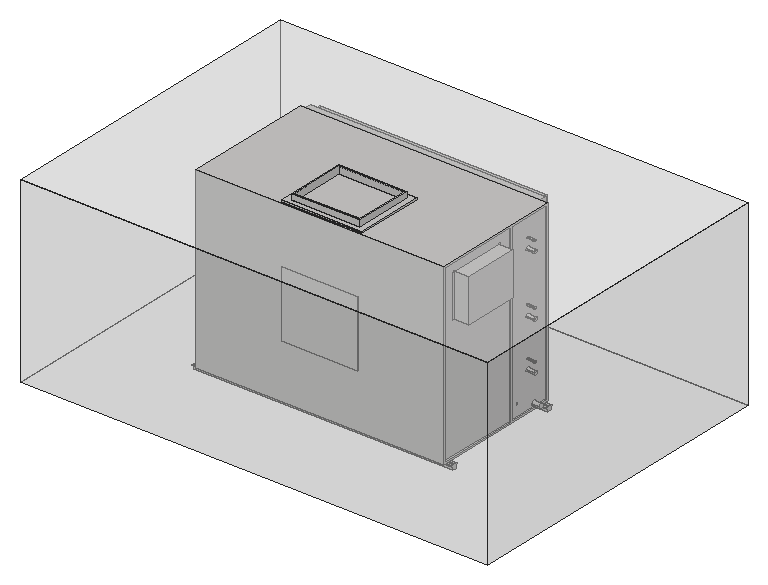
Revit family "outputfile", category 機械設備, Revit 2024
Family settings
  丸型コネクタ寸法 = 半径を使用
  パーツ タイプ = 標準
  OmniClass 番号 = 23.75.10.24.21.27.27
  OmniClass タイトル = Split System Air Conditioning Units
  作業面ベース = いいえ
  常に垂直 = はい
  ロード時にボイドで切り取り = いいえ
  注釈の向きを維持 = いいえ
  共有 = いいえ
  部屋計算ポイント = はい
Parameters (values of type "3FGN350HTL")
  Description = ""
  書き出し IFC クラス(タイプ) = "IfcUnitaryEquipmentType"
  定義済み IFC タイプ(タイプ) = "AIRCONDITIONINGUNIT"
  Cost = 0
  Type Comments = ""
  Keynote = ""
  Type Image = (empty or 0)
  Assembly Code = ""
  switch_frequency = yes
  lw_power = 1050 mm
  lw_frontpanel = 620 mm
  lw_box_front = lw_box + 18 mm  # 115 mm
  lw_box = 97 mm
  lw_RA = 981 mm
  lh_liquidpipe_3 = 424 mm
  lh_liquidpipe_2 = 819 mm
  lh_height_SA = 482 mm
  lh_ld_mountinghole_height = 35 mm
  lh_height_RA = 1326 mm
  lh_hangerfixture = 35 mm
  lh_gaspipe_3 = 344 mm
  lh_gaspipe_2 = 739 mm
  lh_frontpanel_bottom = if(Width = 1766 mm, 444 mm, if(Width = 2022 mm, 479 mm, 402 mm))  # 479 mm
  lh_frontpanel = if(Width = 1766 mm, 542 mm, if(Width = 2022 mm, 542 mm, 758 mm))  # 542 mm
  lh_circlevoid = 135.5 mm
  lh_box_top = 95 mm
  lh_box = 351 mm
  lh_SA = 1546 mm
  lh_RA = 788 mm
  ld_void = 680 mm
  ld_frontpanel = 0 mm
  ld_depth_SA = 301 mm
  ld_depth_RA = 130 mm
  ld_circlevoid = 294.5 mm
  ld_box_left = 114 mm
  ld_box = 490 mm
  connector_voltage = Voltage_60Hz  # 220 V
  connector_powerinput = [Power Input (Cooling)]  # 36.960 kW
  connector_phase = Phase_60Hz  # 3
  製造元 = "Daikin"
  モデル = "3FGN350HTL"
  w_pipe = 33 mm
  r_Liquid Pipe Size = Liquid Pipe Size / 2  # 6.35 mm
  r_Gas Pipe Size = Gas Pipe Size / 2  # 12.7 mm
  r_Drain Pipe Size = Drain Pipe Size / 2  # 17.0 mm
  lw_powersupply = lw_power  # 1050 mm
  lw_width_RA = 1852 mm
  lw_width_SA = 560 mm
  lh_suctionflange [instance] = 100 mm
  ld_suctionflange [instance] = 190 mm
  ld_powersupply = 200 mm
  angle_vertical_RA [instance] = 90.00°
  angle horizontal_RA [instance] = 180.00°
  Voltage_comment_60Hz = "220"
  Voltage_60Hz = 220 V
  URL = ""
  Sound Power Level_H speed (dB) = 0
  Phase_60Hz = 3
  Minimum External Static Pressure = 0.00 Pa
  Minimum Circuit Amps_60Hz = 0.0 A
  Maximum Fuse Amps_60Hz = 0.0 A
  Maximum External Static Pressure = 200.00 Pa
  Material_Casing = DAIKIN_GalvanizedSteel_Casing_indoorunit
  lw_liquidpipe = 1061 mm
  lw_gaspipe = 1061 mm
  lw_mountinghole_pitch = 2082 mm
  lw_mountinghole = 2122 mm
  lw_drainpipe = 1061 mm
  lh_powersupply = 1040 mm
  lh_liquidpipe = 1313 mm
  lh_gaspipe = 1233 mm
  lh_mountinghole = 5 mm
  lh_drainpipe = 73 mm
  lh_antena = Height - 4 mm  # 1482 mm
  ld_liquidpipe = 346.5 mm
  ld_gaspipe = 346.5 mm
  ld_mountinghole_pitch = 974 mm
  ld_drainpipe = 405.5 mm
  ld_controlbox = 626 mm
  h*** = 0 mm  # constant formula
  d_dischargeflange = 60 mm
  Width = 2022 mm
  Version = "ver.1.0"
  Unit Type = "Duct"
  Unit Mass Weight = 431.00 kg
  Unit Designation [instance] = ""
  Uniclass2015Version = "Products v1.30"
  Uniclass2015Title = "Split coil room air conditioning units"
  Uniclass2015Code = "Pr_70_65_03_86"
  Total Cooling Capacity [instance] = 0.000 kW
  Sound Pressure Level_M speed (dBA) = 0
  Sound Pressure Level_L speed (dBA) = 0
  Sound Pressure Level_H speed (dBA) = 66
  Series = "Package Aircon_Fan Coil Unit"
  Sensible Cooling Capacity [instance] = 0.000 kW
  SA Duct Size Width = 560 mm
  SA Duct Size Height = 482 mm
  Refrigerant Type = "R410A"
  RA Duct Size Width = 1852 mm
  RA Duct Size Height = 1326 mm
  Power Input (Cooling) = 36.960 kW
  Option Accessory 3 [instance] = ""
  Option Accessory 2 [instance] = ""
  Option Accessory 1 [instance] = ""
  Nominal Cooling Capacity = 100.234 kW
  Minimum Airflow = 0.00 m³/h
  Median Airflow = 0.00 m³/h
  Maximum Airflow = 17840.00 m³/h
  Load Classification = HVAC
  Liquid Pipe Size = 12.7 mm
  Link_Nested Family [instance] = ""
  IfcVersion = ""
  IfcExportType = "AIRCONDITIONINGUNIT"
  IfcExportAs = "IfcUnitaryEquipmentType"
  Height = 1486 mm
  Heat Exchanger Type = "Cross Fin Coil"
  Gas Pipe Size = 25.4 mm
  Frequency_60Hz = 60 Hz
  Fan Type = "Sirocco Fan"
  Fan Drive = "-"
  FCU Tag No. [instance] = ""
  Drain Pipe Size = 34.0 mm
  Design Supply Airflow [instance] = 0.00 m³/h
  Design Return Airflow [instance] = 0.00 m³/h
  Design External Static Pressure [instance] = 0.00 Pa
  Depth = 1069 mm
  既定の高さ = 0 mm
  Cooling Entering Wet Bulb Temperature [instance] = 0.00 °C
  Cooling Entering Dry Bulb Temperature [instance] = 0.00 °C
  Cooling Ambient Wet Bulb Temperature [instance] = 0.00 °C
  Cooling Ambient Dry Bulb Temperature [instance] = 0.00 °C
  Clearance visibility [instance] = yes
  Clearance Top = 0 mm
  Clearance Right = 1000 mm
  Clearance Rear = 800 mm
  Clearance Left = 800 mm
  Clearance Front = 800 mm
  Clearance Bottom = 0 mm
Reference planes
  plane 1 "Center (Front/Back)": y = 0
  plane 2: z = 0
  plane 3 "Center (Left/Right)": x = 0
  plane 4 "Back": y = 534.5
  plane 5 "Front": y = -534.5
  plane 6 "Left": x = -1011
  plane 7 "Right": x = 1011
  plane 8 "Top": z = 0
  plane 9 "Bottom": z = -1486
  plane 10: z = -173
  plane 11: z = -253
  plane 12: x = -1041
  plane 13: x = 1041
  plane 14: x = 1061
  plane 15: x = 1061
  plane 16: z = -1481
  plane 17 "Clearance Left": x = -1811
  plane 18 "Clearance Right": x = 2011
  plane 19 "Clearance Rear": y = 1334.5
  plane 20 "Clearance Front": y = -1334.5
  plane 21 "Clearance Bottom": z = -1486
  plane 22: z = -1413
  plane 23 "ld_gas": y = 346.5
  plane 24: y = 346.5
  plane 25: y = -30
  plane 26: y = 405.5
  plane 27: y = 344.5
  plane 28: x = 1061
  plane 29: y = 487
  plane 30: y = -487
  plane 31: y = -233.5
  plane 32: y = 664.5
  plane 33 "Clearance Top": z = 0
  plane 34: z = -446
  plane 35: y = -200
  plane 36 "hangerfixture": z = -1451
  plane 37 "lh_SA": z = 60
  plane 38 "lh_RA": z = -698
  plane 39 "RA_center": x = -30
  plane 40: y = -524.5
  plane 41: y = 155.5
  plane 42: y = 524.5
  plane 43: z = -10
  plane 44: z = -1441
  plane 45: y = 165.5
  plane 46: y = -524.5
  plane 47: y = 155.5
  plane 48: y = 524.5
  plane 49: z = -10
  plane 50: z = -1441
  plane 51: y = 165.5
  plane 52: x = 993
  plane 53: x = 1108
  plane 54: y = -420.5
  plane 55: y = -400.5
  plane 56: y = 49.5
  plane 57: y = 69.5
  plane 58 "box_bottom": z = -446
  plane 59 "box_top": z = -95
  plane 60: x = -310
  plane 61: x = 310
  plane 62: y = -534.5
  plane 63: y = -524.5
  plane 64 "lw_power": x = 1050
  plane 65: z = -667
  plane 66: z = -747
  plane 67: z = -1062
  plane 68: z = -1142
  plane 69: x = 991
  plane 70: x = -991
  plane 71: z = -1007
  plane 72: z = -465
Forms (mm)
  Extrusion 1, solid, material "DAIKIN_GalvanizedSteel_Casing_indoorunit" <- "Material_Casing"
    sketch origin (0, -0.8, 0) x (1, 0, 0) y (0, 1, 0)
      loop
        line (-1011, -533.7) -> (1011, -533.7) -> (1011, 535.3) -> (-1011, 535.3) -> (-1011, -533.7)
    from -1451 to 0
  Revolve 2, solid, material "DAIKIN_GalvanizedSteel_Casing_indoorunit" <- "Material_Casing"
    sketch origin (0, 0, -253) x (0, -1, 0) y (1, 0, 0)
      loop
        line (-333.8, 991) -> (-333.8, 1061) -> (-346.5, 1061) -> (-346.5, 991) -> (-333.8, 991)
      axis (-346.5, 991) -> (-346.5, 1061)
    angle from 0 to 360
  Revolve 3, solid, material "DAIKIN_GalvanizedSteel_Casing_indoorunit" <- "Material_Casing"
    sketch origin (0, 0, -173) x (0, -1, 0) y (1, 0, 0)
      loop
        line (-346.5, 991) -> (-346.5, 1061) -> (-352.85, 1061) -> (-352.85, 991) -> (-346.5, 991)
      axis (-346.5, 1061) -> (-346.5, 991)
    angle from 0 to 360
  Extrusion 4, solid, material "DAIKIN_GalvanizedSteel_Casing_indoorunit" <- "Material_Casing"
    sketch origin (0, 0, 0) x (0, 1, 0) y (0, 0, 1)
      loop
        circle (405.5, -1413) r 17
    from 1061 to 991
  Extrusion 5, void
    sketch origin (1011, 0, 0) x (0, 1, 0) y (0, 0, 1)
      loop
        line (-524.5, -10) -> (-524.5, -1441) -> (155.5, -1441) -> (155.5, -10) -> (-524.5, -10)
      loop
        line (524.5, -10) -> (165.5, -10) -> (165.5, -1441) -> (524.5, -1441) -> (524.5, -10)
    from 0 to -20
  Extrusion 6, void
    sketch origin (-1011, 0, 0) x (0, 1, 0) y (0, 0, 1)
      loop
        line (-524.5, -10) -> (-524.5, -1441) -> (155.5, -1441) -> (155.5, -10) -> (-524.5, -10)
      loop
        line (524.5, -10) -> (165.5, -10) -> (165.5, -1441) -> (524.5, -1441) -> (524.5, -10)
    from 0 to 20
  Extrusion 7, solid, material "DAIKIN_GalvanizedSteel_Casing_indoorunit" <- "Material_Casing"
    sketch origin (0, 0, 0) x (1, 0, 0) y (0, 1, 0)
      loop
        line (991, -420.5) -> (993, -420.5) -> (993, -400.5) -> (1108, -400.5) -> (1108, 49.5) -> (993, 49.5) -> (993, 69.5) -> (991, 69.5) -> (991, -420.5)
    from -446 to -95
  Extrusion 8, solid, material "DAIKIN_GalvanizedSteel_Casing_indoorunit" <- "Material_Casing"
    sketch origin (0, 0, -1486) x (-1, 0, 0) y (0, -1, 0)
      loop
        line (310, 524.5) -> (310, 534.5) -> (-310, 534.5) -> (-310, 524.5) -> (310, 524.5)
    from 479 to 1021
  Revolve 9, solid, material "DAIKIN_GalvanizedSteel_Casing_indoorunit" <- "Material_Casing"
    sketch origin (0, 0, -747) x (0, -1, 0) y (1, 0, 0)
      loop
        line (-333.8, 991) -> (-333.8, 1061) -> (-346.5, 1061) -> (-346.5, 991) -> (-333.8, 991)
      axis (-346.5, 991) -> (-346.5, 1061)
    angle from 0 to 360
  Revolve 10, solid, material "DAIKIN_GalvanizedSteel_Casing_indoorunit" <- "Material_Casing"
    sketch origin (0, 0, -667) x (0, -1, 0) y (1, 0, 0)
      loop
        line (-346.5, 991) -> (-346.5, 1061) -> (-352.85, 1061) -> (-352.85, 991) -> (-346.5, 991)
      axis (-346.5, 1061) -> (-346.5, 991)
    angle from 0 to 360
  Extrusion 11, void
    sketch origin (1011, 0, 0) x (0, 1, 0) y (0, 0, 1)
      loop
        circle (240, -1350.5) r 13.5
    from -21 to 0
  Revolve 12, solid, material "DAIKIN_GalvanizedSteel_Casing_indoorunit" <- "Material_Casing"
    sketch origin (0, 0, -1142) x (0, -1, 0) y (1, 0, 0)
      loop
        line (-333.8, 991) -> (-333.8, 1061) -> (-346.5, 1061) -> (-346.5, 991) -> (-333.8, 991)
      axis (-346.5, 991) -> (-346.5, 1061)
    angle from 0 to 360
  Revolve 13, solid, material "DAIKIN_GalvanizedSteel_Casing_indoorunit" <- "Material_Casing"
    sketch origin (0, 0, -1062) x (0, -1, 0) y (1, 0, 0)
      loop
        line (-346.5, 991) -> (-346.5, 1061) -> (-352.85, 1061) -> (-352.85, 991) -> (-346.5, 991)
      axis (-346.5, 1061) -> (-346.5, 991)
    angle from 0 to 360
Cuts and joins
  Extrusion 5, Extrusion 6, Extrusion 11 cuts Extrusion 1
  Extrusion 6 cuts Revolve 2
  Extrusion 6 cuts Revolve 3
  Extrusion 6 cuts Extrusion 4
Dimensions and locks
  equal spacing: plane 12, plane 3 "Center (Left/Right)", plane 13
  "lw_mountinghole_pitch": plane 12 to plane 13
  "lh_liquidpipe": plane 10 to plane 9 "Bottom"
  "lh_gaspipe": plane 11 to plane 9 "Bottom"
  equal spacing: plane 6 "Left", plane 3 "Center (Left/Right)", plane 7 "Right"
  "Width": plane 6 "Left" to plane 7 "Right"
  "Clearance Right": plane 7 "Right" to plane 18 "Clearance Right"
  "Clearance Left": plane 17 "Clearance Left" to plane 6 "Left"
  "Clearance Rear": plane 19 "Clearance Rear" to plane 4 "Back"
  "Clearance Front": plane 5 "Front" to plane 20 "Clearance Front"
  "Depth": plane 4 "Back" to plane 5 "Front"
  equal spacing: plane 4 "Back", plane 1 "Center (Front/Back)", plane 5 "Front"
  "ld_suctionflange": plane 4 "Back" to plane 27
  "r_Liquid Pipe Size": nested 5 to Revolve 3 sketch curve
  equal spacing: plane 29, plane 1 "Center (Front/Back)", plane 30
  "ld_mountinghole_pitch": plane 29 to plane 30
  "lw_liquidpipe": plane 3 "Center (Left/Right)" to plane 14
  "lw_gaspipe": plane 3 "Center (Left/Right)" to plane 15
  "lw_drainpipe": plane 3 "Center (Left/Right)" to plane 28
  "lh_drainpipe": plane 22 to plane 9 "Bottom"
  "Clearance Top": plane 33 "Clearance Top" to plane 8 "Top"
  "Clearance Bottom": plane 9 "Bottom" to plane 21 "Clearance Bottom"
  "lh_powersupply": plane 34 to plane 9 "Bottom"
  plane 8 "Top" to level = 0 mm
  "lh_hangerfixture": plane 36 "hangerfixture" to plane 9 "Bottom"
  "lh_SA": plane 37 "lh_SA" to plane 9 "Bottom"
  "ld_depth_RA": plane 32 to plane 4 "Back"
  "lh_RA": plane 38 "lh_RA" to plane 9 "Bottom"
  "lw_RA": plane 6 "Left" to plane 39 "RA_center"
  locked: plane 36 "hangerfixture" to plane 44 at 10
  plane 5 "Front" to plane 40 = 10 mm
  locked: plane 8 "Top" to plane 43 at 10
  plane 42 to plane 4 "Back" = 10 mm
  "ld_void": plane 40 to plane 41
  "ld_void": plane 46 to plane 47
  plane 5 "Front" to plane 46 = 10 mm
  plane 48 to plane 4 "Back" = 10 mm
  locked: plane 8 "Top" to plane 49 at 10
  locked: plane 50 to plane 36 "hangerfixture" at 10
  "ld_box_left": plane 54 to plane 5 "Front"
  "ld_box": plane 57 to plane 54
  locked: plane 55 to plane 54 at 20
  locked: plane 57 to plane 56 at 20
  "lw_box": plane 7 "Right" to plane 53
  "lh_box_top": plane 8 "Top" to plane 59 "box_top"
  "lh_box": plane 59 "box_top" to plane 58 "box_bottom"
  equal spacing: plane 60, plane 3 "Center (Left/Right)", plane 61
  "lw_power": plane 3 "Center (Left/Right)" to plane 64 "lw_power"
  "lh_gaspipe_2": plane 66 to plane 9 "Bottom"
  "lh_liquidpipe_2": plane 65 to plane 9 "Bottom"
  "ld_powersupply": plane 35 to plane 1 "Center (Front/Back)"
  "ld_drainpipe": plane 26 to plane 1 "Center (Front/Back)"
  "ld_gaspipe": plane 23 "ld_gas" to plane 1 "Center (Front/Back)"
  "r_Gas Pipe Size": plane 23 "ld_gas" to Revolve 9 sketch curve
  "r_Gas Pipe Size": plane 23 "ld_gas" to Revolve 2 sketch curve
  "r_Liquid Pipe Size": Revolve 10 sketch curve to plane 24
  "ld_liquidpipe": plane 24 to plane 1 "Center (Front/Back)"
  "ld_depth_SA": plane 31 to plane 5 "Front"
  "lh_circlevoid": Extrusion 11 sketch curve to plane 9 "Bottom"
  "Height": plane 8 "Top" to plane 9 "Bottom"
  "lh_mountinghole": plane 16 to plane 9 "Bottom"
  "lh_gaspipe_3": plane 68 to plane 9 "Bottom"
  "lh_liquidpipe_3": plane 67 to plane 9 "Bottom"
  "ld_circlevoid": Extrusion 11 sketch curve to plane 4 "Back"
  "lw_box_front": plane 52 to plane 53
  locked: plane 69 to plane 7 "Right" at 20
  locked: plane 6 "Left" to plane 70 at 20
  "lh_frontpanel_bottom": plane 71 to plane 9 "Bottom"
  "lh_frontpanel": plane 72 to plane 71
  "r_Gas Pipe Size": plane 24 to Revolve 12 sketch curve
  "r_Liquid Pipe Size": Revolve 13 sketch curve to plane 24
  "lw_frontpanel": plane 60 to plane 61
  locked: plane 63 to plane 5 "Front" at 10
  "ld_frontpanel": plane 5 "Front" to plane 62
  locked: plane 41 to plane 45 at 10
  locked: plane 47 to plane 51 at 10
  "r_Drain Pipe Size": radius of Extrusion 4 sketch curve
  diameter of Extrusion 11 sketch curve = 27 mm
  aligned and locked: level to plane 2
  aligned and locked: plane 8 "Top" to Extrusion 1
  aligned and locked: Revolve 2 sketch curve to Revolve 2 sketch curve
  aligned and locked: plane 14 to nested 5
  aligned and locked: nested 5 to plane 10
  aligned and locked: plane 13 to nested 2
  aligned and locked: plane 12 to nested 3
  aligned and locked: plane 12 to nested 4
  aligned and locked: nested 6 to plane 11
  aligned and locked: plane 23 "ld_gas" to nested 6
  aligned and locked: plane 24 to nested 5
  aligned and locked: Extrusion 4 sketch curve to plane 26
  aligned and locked: nested 10 to plane 19 "Clearance Rear"
  aligned and locked: nested 10 to plane 18 "Clearance Right"
  aligned and locked: nested 10 to plane 17 "Clearance Left"
  aligned and locked: nested 10 to plane 20 "Clearance Front"
  aligned and locked: plane 28 to Extrusion 4
  aligned and locked: plane 15 to nested 6
  aligned and locked: plane 13 to nested 1
  aligned and locked: plane 26 to nested 7
  aligned and locked: nested 7 to plane 22
  aligned and locked: nested 7 to plane 28
  aligned and locked: plane 29 to nested 1
  aligned and locked: plane 30 to nested 2
  aligned and locked: nested 4 to plane 29
  aligned and locked: nested 3 to plane 30
  aligned and locked: nested 9 to plane 4 "Back"
  aligned and locked: plane 32 to nested 13
  aligned and locked: plane 3 "Center (Left/Right)" to nested 12
  aligned and locked: nested 10 to plane 33 "Clearance Top"
  aligned and locked: nested 10 to plane 21 "Clearance Bottom"
  aligned and locked: nested 11 to plane 9 "Bottom"
  aligned and locked: plane 36 "hangerfixture" to Extrusion 1
  aligned and locked: Extrusion 1 to plane 5 "Front"
  aligned and locked: Extrusion 1 to plane 4 "Back"
  aligned and locked: plane 38 "lh_RA" to nested 9
  aligned and locked: nested 13 to plane 38 "lh_RA"
  aligned and locked: plane 39 "RA_center" to nested 9
  aligned and locked: nested 13 to plane 39 "RA_center"
  aligned and locked: Extrusion 5 sketch curve to plane 43
  aligned and locked: Extrusion 5 sketch curve to plane 40
  aligned and locked: plane 44 to Extrusion 5 sketch curve
  aligned and locked: Extrusion 5 sketch curve to plane 41
  aligned and locked: plane 43 to Extrusion 5 sketch curve
  aligned and locked: Extrusion 5 sketch curve to plane 42
  aligned and locked: Extrusion 5 sketch curve to plane 44
  aligned and locked: Extrusion 5 sketch curve to plane 45
  aligned and locked: Extrusion 6 sketch curve to plane 49
  aligned and locked: Extrusion 6 sketch curve to plane 46
  aligned and locked: plane 50 to Extrusion 6 sketch curve
  aligned and locked: Extrusion 6 sketch curve to plane 47
  aligned and locked: plane 49 to Extrusion 6 sketch curve
  aligned and locked: Extrusion 6 sketch curve to plane 48
  aligned and locked: Extrusion 6 sketch curve to plane 50
  aligned and locked: Extrusion 6 sketch curve to plane 51
  aligned and locked: cut or joined group of Extrusion 1, Extrusion 5, Extrusion 6, Extrusion 11 to Extrusion 7 sketch curve
  aligned and locked: plane 57 to Extrusion 7 sketch curve
  aligned and locked: plane 53 to Extrusion 7 sketch curve
  aligned and locked: Extrusion 7 sketch curve to plane 54
  aligned and locked: plane 59 "box_top" to Extrusion 7
  aligned and locked: Extrusion 7 to plane 58 "box_bottom"
  aligned and locked: Extrusion 8 sketch curve to plane 63
  aligned and locked: Extrusion 8 sketch curve to plane 60
  aligned and locked: plane 62 to Extrusion 8 sketch curve
  aligned and locked: plane 61 to Extrusion 8 sketch curve
  aligned and locked: Revolve 9 sketch curve to Revolve 9 sketch curve
  aligned and locked: nested 15 to plane 65
  aligned and locked: nested 16 to plane 66
  aligned and locked: plane 14 to Revolve 10
  aligned and locked: nested 15 to plane 14
  aligned and locked: cut or joined group of Revolve 2, Extrusion 6 to plane 15  (x3)
  aligned and locked: nested 6 to plane 15
  aligned and locked: plane 15 to cut or joined group of Revolve 2, Extrusion 6
  aligned and locked: nested 14 to plane 35
  aligned and locked: Revolve 2 sketch curve to plane 23 "ld_gas"
  aligned and locked: plane 23 "ld_gas" to nested 16
  aligned and locked: plane 24 to nested 15
  aligned and locked: plane 37 "lh_SA" to nested 12
  aligned and locked: plane 37 "lh_SA" to nested 8
  aligned and locked: plane 31 to nested 12
  aligned and locked: plane 31 to nested 8
  aligned and locked: cut or joined group of Extrusion 1, Extrusion 5, Extrusion 6, Extrusion 11 to cut or joined group of Extrusion 4, Extrusion 6
  aligned and locked: cut or joined group of Extrusion 1, Extrusion 5, Extrusion 6, Extrusion 11 to Revolve 10
  aligned and locked: Revolve 9 to cut or joined group of Extrusion 1, Extrusion 5, Extrusion 6, Extrusion 11
  aligned and locked: cut or joined group of Extrusion 1, Extrusion 5, Extrusion 6, Extrusion 11 to cut or joined group of Revolve 3, Extrusion 6
  aligned and locked: cut or joined group of Revolve 2, Extrusion 6 to cut or joined group of Extrusion 1, Extrusion 5, Extrusion 6, Extrusion 11
  aligned and locked: plane 52 to Extrusion 7 sketch curve
  aligned and locked: Extrusion 7 sketch curve to plane 55
  aligned and locked: Extrusion 7 sketch curve to plane 56
  aligned and locked: Extrusion 7 sketch curve to plane 52
  aligned and locked: nested 14 to plane 64 "lw_power"
  aligned and locked: nested 14 to plane 34
  aligned and locked: Revolve 12 sketch curve to Revolve 12 sketch curve
  aligned and locked: nested 17 to plane 67
  aligned and locked: nested 18 to plane 68
  aligned and locked: plane 70 to cut or joined group of Extrusion 1, Extrusion 5, Extrusion 6, Extrusion 11
  aligned and locked: Extrusion 5 to plane 69
  aligned and locked: plane 24 to nested 17
  aligned and locked: plane 23 "ld_gas" to nested 18
  aligned and locked: Extrusion 8 to plane 71
  aligned and locked: plane 72 to Extrusion 8
Automatic sketch dimensions
  Extrusion 1 sketch curve to plane 4 "Back" = 0 mm
  Extrusion 1 sketch curve to plane 6 "Left" = 0 mm
  Extrusion 1 sketch curve to plane 5 "Front" = 0 mm
  Extrusion 1 sketch curve to plane 7 "Right" = 0 mm
  Revolve 3 sketch curve to plane 23 "ld_gas" = 0 mm  (x2)
  Revolve 3 sketch curve to plane 14 = 0 mm  (x2)
  Revolve 3 sketch curve to plane 7 "Right" = 20 mm
  plane 7 "Right" to Revolve 3 sketch curve = 15 mm
  Extrusion 4 sketch curve to plane 22 = 0 mm
  Revolve 10 sketch curve to plane 23 "ld_gas" = 0 mm  (x2)
  Revolve 10 sketch curve to plane 14 = 0 mm  (x2)
  Revolve 10 sketch curve to plane 7 "Right" = 20 mm
  plane 7 "Right" to Revolve 10 sketch curve = 15 mm
  Revolve 13 sketch curve to plane 14 = 0 mm  (x2)
  Revolve 13 sketch curve to plane 23 "ld_gas" = 0 mm  (x2)
  Revolve 13 sketch curve to plane 7 "Right" = 20 mm
  plane 7 "Right" to Revolve 13 sketch curve = 15 mm
  Revolve 2 sketch curve to plane 69 = 0 mm
  Revolve 2 sketch curve to plane 14 = 0 mm
  plane 7 "Right" to Revolve 2 sketch curve = 2.003 mm
  plane 14 to Revolve 2 sketch curve = 1.003 mm
  Revolve 9 sketch curve to plane 23 "ld_gas" = 0 mm
  Revolve 9 sketch curve to plane 69 = 0 mm
  Revolve 9 sketch curve to plane 14 = 0 mm
  plane 7 "Right" to Revolve 9 sketch curve = 2.003 mm
  plane 14 to Revolve 9 sketch curve = 1.003 mm
  Revolve 12 sketch curve to plane 23 "ld_gas" = 0 mm
  Revolve 12 sketch curve to plane 69 = 0 mm
  Revolve 12 sketch curve to plane 14 = 0 mm
  plane 7 "Right" to Revolve 12 sketch curve = 2.003 mm
  plane 14 to Revolve 12 sketch curve = 1.003 mm
Nested families
  nested 1: "daikin_mountinghole" at (1041, 487, -1486), Link_Nested Family <- "Link_Nested Family", h_mountinghole <- "lh_mountinghole", l_antenna <- "lh_antena", type "daikin_mountinghole"
    with show yes, l_antenna 1482 mm, h_mountinghole 5 mm, Link_Nested Family "", d_circle 23 mm
  nested 2: "daikin_mountinghole" at (1041, -487, -1486), Link_Nested Family <- "Link_Nested Family", h_mountinghole <- "lh_mountinghole", l_antenna <- "lh_antena", type "daikin_mountinghole"
    with show yes, l_antenna 1482 mm, h_mountinghole 5 mm, Link_Nested Family "", d_circle 23 mm
  nested 3: "daikin_mountinghole" at (-1041, -487, -1486), Link_Nested Family <- "Link_Nested Family", h_mountinghole <- "lh_mountinghole", l_antenna <- "lh_antena", type "daikin_mountinghole"
    with show yes, l_antenna 1482 mm, h_mountinghole 5 mm, Link_Nested Family "", d_circle 23 mm
  nested 4: "daikin_mountinghole" at (-1041, 487, -1486), Link_Nested Family <- "Link_Nested Family", h_mountinghole <- "lh_mountinghole", l_antenna <- "lh_antena", type "daikin_mountinghole"
    with show yes, l_antenna 1482 mm, h_mountinghole 5 mm, Link_Nested Family "", d_circle 23 mm
  nested 5: "daikin_connector_rotate2" at (0, 346.5, -173) x (0, 1, 0) z (0, 0, 1), length <- "lw_liquidpipe", built-in parameter 1001364 <- "lh_liquidpipe", radius <- "r_Liquid Pipe Size", type "daikin_connector_rotate2"
    with radius 6.35 mm, length 1061 mm, angle_vertical 90.00°
  nested 6: "daikin_connector_rotate2" at (0, 346.5, -253) x (0, 1, 0) z (0, 0, 1), length <- "lw_gaspipe", built-in parameter 1001364 <- "lh_gaspipe", radius <- "r_Gas Pipe Size", type "daikin_connector_rotate2"
    with radius 12.7 mm, length 1061 mm, angle_vertical 90.00°
  nested 7: "daikin_connector_rotate2" at (0, 405.5, -1413) x (0, 1, 0) z (0, 0, 1), built-in parameter 1001364 <- "lh_drainpipe", length <- "lw_drainpipe", radius <- "r_Drain Pipe Size", type "daikin_connector_rotate2"
    with radius 17 mm, length 1061 mm, angle_vertical 90.00°
  nested 8: "daikin_connector_rotate2" at (0, -233.5, 0) x (1, 0, 0) z (0, 1, 0), length <- "d_dischargeflange", type "daikin_connector_rotate2"
    with radius 10 mm, length 60 mm, angle_vertical 90.00°
  nested 9: "daikin_ductflange_3FGN-HTL" at (-30, 534.5, -698), material <- "Material_Casing", width <- "lw_width_RA", height <- "lh_height_RA", depth <- "ld_depth_RA", type "daikin_ductflange_3FGN-HTL"
    with x 35 mm, width 1852 mm, material DAIKIN_GalvanizedSteel_Casing_indoorunit, height 1326 mm, depth 130 mm
  nested 10: "daikin_clearancespace" at (100, 0, -742.881), visible <- "Clearance visibility", show <- "Clearance visibility", Link_Nested Family <- "Link_Nested Family", type "daikin_clearancespace"
    with width 3822 mm, show yes, height 1486 mm, depth 2669 mm, Link_Nested Family ""
  nested 11: "daikin_hangerfixture_3FGN-HTL" at (0, 0, -1486), type "daikin_hangerfixture_3FGN-HTL"
    with width 2082 mm, G 2122 mm
  nested 12: "daikin_ductflange_3FGN-HTL_1" at (0, -422.901, 0) x (1, 0, 0) z (0, 1, 0), width <- "lw_width_SA", material <- "Material_Casing", height <- "lh_height_SA", depth <- "d_dischargeflange", type "daikin_ductflange_3FGN-HTL_1"
    with width 560 mm, t 10 mm, material DAIKIN_GalvanizedSteel_Casing_indoorunit, height 482 mm, depth 60 mm
  nested 13: "daikin_connector_rotate2" at (-30, 534.5, -698) x (-1, 0, 0) z (0, 0, 1), length <- "ld_depth_RA", type "daikin_connector_rotate2"
    with radius 10 mm, length 130 mm, angle_vertical 90.00°
  nested 14: "daikin_connector_rotate2" at (1050, -200, -95) x (0, 1, 0) z (1, 0, 0), length <- "lh_box", type "daikin_connector_rotate2"
    with radius 10 mm, length 351 mm, angle_vertical 90.00°
  nested 15: "daikin_connector_rotate2" at (0, 346.5, -667) x (0, 1, 0) z (0, 0, 1), length <- "lw_liquidpipe", built-in parameter 1001364 <- "lh_liquidpipe", radius <- "r_Liquid Pipe Size", type "daikin_connector_rotate2"
    with radius 6.35 mm, length 1061 mm, angle_vertical 90.00°
  nested 16: "daikin_connector_rotate2" at (0, 346.5, -747) x (0, 1, 0) z (0, 0, 1), length <- "lw_gaspipe", built-in parameter 1001364 <- "lh_gaspipe", radius <- "r_Gas Pipe Size", type "daikin_connector_rotate2"
    with radius 12.7 mm, length 1061 mm, angle_vertical 90.00°
  nested 17: "daikin_connector_rotate2" at (0, 346.5, -1062) x (0, 1, 0) z (0, 0, 1), length <- "lw_liquidpipe", built-in parameter 1001364 <- "lh_liquidpipe", radius <- "r_Liquid Pipe Size", type "daikin_connector_rotate2"
    with radius 6.35 mm, length 1061 mm, angle_vertical 90.00°
  nested 18: "daikin_connector_rotate2" at (0, 346.5, -1142) x (0, 1, 0) z (0, 0, 1), length <- "lw_gaspipe", built-in parameter 1001364 <- "lh_gaspipe", radius <- "r_Gas Pipe Size", type "daikin_connector_rotate2"
    with radius 12.7 mm, length 1061 mm, angle_vertical 90.00°
Connectors
  piping at (1061, 346.5, -253), diameter 25.4, driven by "r_Gas Pipe Size"
    settings: on nested 6, index 1, connector inside diameter 609.6 mm, connector length 0 mm, flow factor 0, pipe flow 0.00 m³/h, pressure drop 0.0 Pa, fitting loss kfactor 0, connector angle 0.00°, fixture units 0, engagement length 0 mm, angle of deflection 0.00°, flow configuration 1, flow direction 2, fitting loss method 0, system type 29, joint type 0, gender type 0, connector reference index -1, connector utility 0, adjustable connector no, is connector primary yes, connector description "Refrigerant Gas Piping"
  piping at (1061, 346.5, -173), diameter 12.7, driven by "r_Liquid Pipe Size"
    settings: on nested 5, index 2, connector inside diameter 609.6 mm, connector length 0 mm, flow factor 0, pipe flow 0.00 m³/h, pressure drop 0.0 Pa, fitting loss kfactor 0, connector angle 0.00°, fixture units 0, engagement length 0 mm, angle of deflection 0.00°, flow configuration 1, flow direction 1, fitting loss method 0, system type 29, joint type 0, gender type 0, connector reference index -1, connector utility 0, adjustable connector no, is connector primary no, connector description "Refrigerant Liquid Piping"
  piping at (1061, 405.5, -1413), diameter 34, driven by "r_Drain Pipe Size"
    settings: on nested 7, index 3, connector inside diameter 609.6 mm, connector length 0 mm, flow factor 0, pipe flow 0.00 m³/h, pressure drop 0.0 Pa, fitting loss kfactor 0, connector angle 0.00°, fixture units 0, engagement length 0 mm, angle of deflection 0.00°, flow configuration 1, flow direction 2, fitting loss method 4, system type 16, joint type 0, gender type 0, connector reference index -1, connector utility 0, adjustable connector no, is connector primary no, connector description "Condensate Drain Piping"
  hvac at (0, -233.5, 60), driven by "SA Duct Size Height", driven by "SA Duct Size Width"
    settings: on nested 8, index 7, duct flow 0.00 m³/h, flow factor 0, pres drop 0.00 Pa, loss coef 0, conn angle 0.00°, conn width 560.0 mm, conn height 482.0 mm, conn diameter 609.6 mm, duct sys type 1, conn prof type 1, flow config 0, flow direction 2, loss method 4, conn ref index -1, conn util no, is conn primary yes, conn desc "SA Duct"
  hvac at (-30, 664.5, -698), driven by "RA Duct Size Width", driven by "RA Duct Size Height"
    settings: on nested 13, index 8, duct flow 0.00 m³/h, flow factor 0, pres drop 0.00 Pa, loss coef 0, conn angle 0.00°, conn width 1852.0 mm, conn height 1326.0 mm, conn diameter 609.6 mm, duct sys type 2, conn prof type 1, flow config 0, flow direction 1, loss method 4, conn ref index -1, conn util no, is conn primary no, conn desc "RA Duct"
  electrical at (1050, -200, -446), driven by "Load Classification", driven by "connector_phase", driven by "connector_powerinput", driven by "connector_voltage"
    settings: on nested 14, index 9, voltage 220 V, apparent load 36960 VA, apparent load phase1 0 VA, apparent load phase2 0 VA, apparent load phase3 0 VA, power factor 1, load classification "HVAC", number of poles 3, system type 30, power factor state 1, is connector primary yes, connector utility no, sub classification motor no, connector description "Power Supply"
  piping at (1061, 346.5, -747), diameter 25.4, driven by "r_Gas Pipe Size"
    settings: on nested 16, index 10, connector inside diameter 609.6 mm, connector length 0 mm, flow factor 0, pipe flow 0.00 m³/h, pressure drop 0.0 Pa, fitting loss kfactor 0, connector angle 0.00°, fixture units 0, engagement length 0 mm, angle of deflection 0.00°, flow configuration 1, flow direction 2, fitting loss method 0, system type 29, joint type 0, gender type 0, connector reference index -1, connector utility 0, adjustable connector no, is connector primary no, connector description "Refrigerant Gas Piping"
  piping at (1061, 346.5, -667), diameter 12.7, driven by "r_Liquid Pipe Size"
    settings: on nested 15, index 11, connector inside diameter 609.6 mm, connector length 0 mm, flow factor 0, pipe flow 0.00 m³/h, pressure drop 0.0 Pa, fitting loss kfactor 0, connector angle 0.00°, fixture units 0, engagement length 0 mm, angle of deflection 0.00°, flow configuration 1, flow direction 1, fitting loss method 0, system type 29, joint type 0, gender type 0, connector reference index -1, connector utility 0, adjustable connector no, is connector primary no, connector description "Refrigerant Liquid Piping"
  piping at (1061, 346.5, -1142), diameter 25.4, driven by "r_Gas Pipe Size"
    settings: on nested 18, index 12, connector inside diameter 609.6 mm, connector length 0 mm, flow factor 0, pipe flow 0.00 m³/h, pressure drop 0.0 Pa, fitting loss kfactor 0, connector angle 0.00°, fixture units 0, engagement length 0 mm, angle of deflection 0.00°, flow configuration 1, flow direction 2, fitting loss method 0, system type 29, joint type 0, gender type 0, connector reference index -1, connector utility 0, adjustable connector no, is connector primary no, connector description "Refrigerant Gas Piping"
  piping at (1061, 346.5, -1062), diameter 12.7, driven by "r_Liquid Pipe Size"
    settings: on nested 17, index 13, connector inside diameter 609.6 mm, connector length 0 mm, flow factor 0, pipe flow 0.00 m³/h, pressure drop 0.0 Pa, fitting loss kfactor 0, connector angle 0.00°, fixture units 0, engagement length 0 mm, angle of deflection 0.00°, flow configuration 1, flow direction 1, fitting loss method 0, system type 29, joint type 0, gender type 0, connector reference index -1, connector utility 0, adjustable connector no, is connector primary no, connector description "Refrigerant Liquid Piping"
Definition of nested family "daikin_ductflange_3FGN-HTL"
  Parameters (values of type "daikin_ductflange_2FGN-HTL")
    x [instance] = if(width = 1636 mm, 15 mm, 35 mm)  # 15 mm
    width [instance] = 1636 mm
    material [instance] = none
    height [instance] = 747 mm
    depth [instance] = 130 mm
    Default Elevation = 0 mm
  Reference planes
    plane 1 "Center (Front/Back)": y = 0
    plane 2: z = 0
    plane 3 "Center (Left/Right)": x = 0
    plane 4: x = -818
    plane 5: x = 818
    plane 6: z = 373.5
    plane 7: z = -373.5
    plane 8: y = 80
    plane 9: y = 130
    plane 10: x = -813
    plane 11: x = 813
    plane 12: z = -368.5
    plane 13: z = 368.5
    plane 14: x = -833
    plane 15: x = 833
    plane 16: z = 393.5
    plane 17: z = -380
  Forms (mm)
    Extrusion 1, solid, material <- "material"
      sketch origin (0, 0, 0) x (1, 0, 0) y (0, 0, 1)
        loop
          line (-833, 393.5) -> (-833, -380) -> (833, -380) -> (833, 393.5) -> (-833, 393.5)
        loop
          line (-813, 368.5) -> (-813, -368.5) -> (813, -368.5) -> (813, 368.5) -> (-813, 368.5)
      from 0 to -80
    Extrusion 2, solid, material <- "material"
      sketch origin (0, 0, 0) x (1, 0, 0) y (0, 0, 1)
        loop
          line (-818, 373.5) -> (-818, -373.5) -> (818, -373.5) -> (818, 373.5) -> (-818, 373.5)
        loop
          line (813, 368.5) -> (-813, 368.5) -> (-813, -368.5) -> (813, -368.5) -> (813, 368.5)
      from -130 to -80
  Cuts and joins
    joined: Extrusion 1, Extrusion 2
  Dimensions and locks
    equal spacing: plane 5, plane 3 "Center (Left/Right)", plane 4
    "width": plane 5 to plane 4
    equal spacing: plane 6, level, plane 7
    "height": plane 6 to plane 7
    locked: plane 1 "Center (Front/Back)" to plane 8 at 80
    "depth": plane 1 "Center (Front/Back)" to plane 9
    plane 6 to plane 13 = 5 mm
    plane 12 to plane 7 = 5 mm
    plane 5 to plane 11 = 5 mm
    plane 10 to plane 4 = 5 mm
    "x": plane 4 to plane 14
    "x": plane 15 to plane 5
    locked: plane 16 to plane 6 at 20
    locked: plane 7 to plane 17 at 6.5
    aligned and locked: level to plane 2
    aligned and locked: Extrusion 1 to plane 8
    aligned and locked: plane 1 "Center (Front/Back)" to Extrusion 1
    aligned and locked: Extrusion 2 to plane 9
    aligned and locked: Extrusion 2 to Extrusion 1
    aligned and locked: plane 13 to Extrusion 2 sketch curve
    aligned and locked: plane 11 to Extrusion 2 sketch curve
    aligned and locked: Extrusion 2 sketch curve to plane 12
    aligned and locked: Extrusion 2 sketch curve to plane 10
    aligned and locked: Extrusion 1 sketch curve to plane 16
    aligned and locked: plane 14 to Extrusion 1 sketch curve
    aligned and locked: plane 17 to Extrusion 1 sketch curve
    aligned and locked: Extrusion 1 sketch curve to plane 15
  Automatic sketch dimensions
    Extrusion 2 sketch curve to plane 4 = 0 mm
    Extrusion 2 sketch curve to plane 5 = 0 mm
    Extrusion 2 sketch curve to plane 7 = 0 mm
    Extrusion 2 sketch curve to plane 6 = 0 mm
    plane 4 to Extrusion 1 sketch curve = 5 mm
    Extrusion 1 sketch curve to plane 5 = 5 mm
    plane 7 to Extrusion 1 sketch curve = 5 mm
    Extrusion 1 sketch curve to plane 6 = 5 mm
Definition of nested family "daikin_clearancespace"
  Parameters (values of type "daikin_clearancespace")
    Description = "daikin_clearancespace"
    width [instance] = 1823.963 mm
    show [instance] = yes
    material = none
    height [instance] = 1359.762 mm
    depth [instance] = 880 mm
    Default Elevation = 0 mm
    Link_Nested Family [instance] = ""
  Reference planes
    plane 1 "Center (Front/Back)": y = 0
    plane 2 "Center (Elevation)": z = -0.119
    plane 3 "Center (Left/Right)": x = 0
    plane 4: y = 440
    plane 5: y = -440
    plane 6 "Right": x = 911.982
    plane 7 "Left": x = -911.982
    plane 8 "Top": z = 679.762
    plane 9 "Bottom": z = -680
  Forms (mm)
    Extrusion 1, solid, material <- "material", visible <- "show"
      sketch origin (0, 0, 0) x (1, 0, 0) y (0, 1, 0)
        loop
          line (-911.982, 440) -> (-911.982, -440) -> (911.982, -440) -> (911.982, 440) -> (-911.982, 440)
      from -680 to 679.762
  Lines and regions (mm)
    symbolic lines, visible <- "show"
      curve 1: line (911.982, 440, 0) -> (-911.982, 440, 0)
      curve 2: line (-911.982, 440, 0) -> (-911.982, -440, 0)
      curve 3: line (-911.982, -440, 0) -> (911.982, -440, 0)
      curve 4: line (911.982, -440, 0) -> (911.982, 440, 0)
      curve 5: line (911.982, 0, 679.762) -> (-911.982, 0, 679.762)
      curve 6: line (911.982, 0, -680) -> (911.982, 0, 679.762)
      curve 7: line (-911.982, 0, -680) -> (911.982, 0, -680)
      curve 8: line (-911.982, 0, 679.762) -> (-911.982, 0, -680)
      curve 9: line (0, 440, 679.762) -> (0, -440, 679.762)
      curve 10: line (0, -440, 679.762) -> (0, -440, -680)
      curve 11: line (0, 440, -680) -> (0, 440, 679.762)
      curve 12: line (0, -440, -680) -> (0, 440, -680)
  Dimensions and locks
    "width": plane 7 "Left" to plane 6 "Right"
    "depth": plane 4 to plane 5
    "height": plane 8 "Top" to plane 9 "Bottom"
    equal spacing: plane 7 "Left", plane 3 "Center (Left/Right)", plane 6 "Right"
    equal spacing: plane 4, plane 1 "Center (Front/Back)", plane 5
    equal spacing: plane 8 "Top", plane 2 "Center (Elevation)", plane 9 "Bottom"
    aligned and locked: level to plane 2 "Center (Elevation)"
    aligned and locked: Extrusion 1 sketch curve to plane 4
    aligned and locked: plane 7 "Left" to Extrusion 1 sketch curve
    aligned and locked: Extrusion 1 sketch curve to plane 5
    aligned and locked: Extrusion 1 sketch curve to plane 6 "Right"
    aligned and locked: plane 8 "Top" to Extrusion 1
    aligned and locked: curve 1 to Extrusion 1
    aligned and locked: curve 2 to Extrusion 1
    aligned and locked: curve 3 to Extrusion 1
    aligned and locked: curve 4 to Extrusion 1
    aligned and locked: curve 5 to Extrusion 1
    aligned and locked: curve 6 to Extrusion 1
    aligned and locked: curve 7 to Extrusion 1
    aligned and locked: curve 8 to Extrusion 1
    aligned and locked: curve 9 to Extrusion 1
    aligned and locked: curve 10 to Extrusion 1
    aligned and locked: curve 11 to Extrusion 1
    aligned and locked: curve 12 to Extrusion 1
    aligned and locked: Extrusion 1 to plane 9 "Bottom"
Definition of nested family "daikin_hangerfixture_3FGN-HTL"
  Parameters (values of type "daikin_hangerfixture_2FGN-HTL")
    width = 1826 mm
    material = none
    height = 35 mm
    e = 40 mm
    depth = 974 mm
    Default Elevation = 0 mm
    G = 1866 mm
    E = 50 mm
  Reference planes
    plane 1 "Center (Front/Back)": y = 0
    plane 2: z = 0
    plane 3 "Center (Left/Right)": x = 0
    plane 4: x = 913
    plane 5: x = -913
    plane 6: z = 35
    plane 7: y = 487
    plane 8: y = -487
    plane 9: x = -933
    plane 10: x = 933
    plane 11: y = 527
    plane 12: y = -527
  Forms (mm)
    Extrusion 1, solid
      sketch origin (0, 0, 0) x (0, 1, 0) y (0, 0, 1)
        loop
          line (-499.93, 0) -> (-474.07, 0) -> (-474.07, 30) -> (-463.449, 30) -> (-463.449, 35) -> (-479.07, 35) -> (-479.07, 5) -> (-494.93, 5) -> (-494.93, 35) -> (-512.86, 35) -> (-512.86, 30) -> (-499.93, 30) -> (-499.93, 0)
        loop
          line (499.93, 0) -> (499.93, 30) -> (512.86, 30) -> (512.86, 35) -> (494.93, 35) -> (494.93, 5) -> (479.07, 5) -> (479.07, 35) -> (463.449, 35) -> (463.449, 30) -> (474.07, 30) -> (474.07, 0) -> (499.93, 0)
      from -933 to 933
    Extrusion 2, void
      sketch origin (0, 0, 0) x (1, 0, 0) y (0, 1, 0)
        loop
          circle (-913, 487) r 7.5
        loop
          circle (-913, -487) r 7.5
        loop
          circle (913, -487) r 7.5
        loop
          circle (913, 487) r 7.5
      from 0 to 9
  Cuts and joins
    Extrusion 2 cuts Extrusion 1
  Dimensions and locks
    "width": plane 5 to plane 4
    equal spacing: plane 5, plane 3 "Center (Left/Right)", plane 4
    "depth": plane 8 to plane 7
    equal spacing: plane 8, plane 1 "Center (Front/Back)", plane 7
    "height": plane 6 to level
    "e": plane 7 to plane 11
    "e": plane 12 to plane 8
    equal spacing: plane 9, plane 3 "Center (Left/Right)", plane 10
    "G": plane 9 to plane 10
    Extrusion 1 sketch curve to Extrusion 1 sketch curve to Extrusion 1 sketch curve to plane 8 to Extrusion 1 sketch curve to Extrusion 1 sketch curve to Extrusion 1 sketch curve = 12.93 mm locked, 5 mm locked, 7.93 mm locked, 7.93 mm locked, 5 mm locked, 10.621 mm locked
    Extrusion 1 sketch curve to Extrusion 1 sketch curve to Extrusion 1 sketch curve to plane 7 to Extrusion 1 sketch curve to Extrusion 1 sketch curve to Extrusion 1 sketch curve = 10.621 mm locked, 5 mm locked, 7.93 mm locked, 7.93 mm locked, 5 mm locked, 12.93 mm locked
    aligned and locked: level to plane 2
    aligned and locked: Extrusion 1 to plane 9
    aligned and locked: plane 10 to Extrusion 1
    aligned and locked: plane 7 to Extrusion 2 sketch curve  (x2)
    aligned and locked: plane 5 to Extrusion 2 sketch curve  (x2)
    aligned and locked: plane 8 to Extrusion 2 sketch curve  (x2)
    aligned and locked: plane 4 to Extrusion 2 sketch curve  (x2)
  Automatic sketch dimensions
    Extrusion 1 sketch curve to plane 6 = 0 mm  (x4)
    Extrusion 1 sketch curve to level = 0 mm  (x2)
    Extrusion 1 sketch curve to plane 6 = 5 mm  (x3)
    level to Extrusion 1 sketch curve = 5 mm  (x2)
    Extrusion 1 sketch curve to Extrusion 1 sketch curve = 5 mm
    radius of Extrusion 2 sketch curve = 7.5 mm  (x4)
Definition of nested family "daikin_ductflange_3FGN-HTL_1"
  Parameters (values of type "daikin_ductflange_2FDN200HTL_1")
    width [instance] = 474 mm
    t [instance] = 10 mm
    material [instance] = none
    height [instance] = 408 mm
    depth [instance] = 60 mm
    Default Elevation = 0 mm
  Reference planes
    plane 1 "Center (Front/Back)": y = 0
    plane 2: z = 189.401
    plane 3 "Center (Left/Right)": x = 0
    plane 4: y = 0
    plane 5: y = -60
    plane 6: y = -10
    plane 7: z = 393.401
    plane 8: z = -14.599
    plane 9: x = -227
    plane 10: x = 227
    plane 11: x = -237
    plane 12: x = 237
    plane 13: z = 383.401
    plane 14: z = -4.599
    plane 15: x = -287
    plane 16: z = 433.401
    plane 17: z = -54.599
    plane 18: x = 287
  Forms (mm)
    Extrusion 1, solid, material <- "material"
      sketch origin (0, 0, 0) x (1, 0, 0) y (0, 0, 1)
        loop
          line (-237, 393.401) -> (-237, -14.599) -> (237, -14.599) -> (237, 393.401) -> (-237, 393.401)
        loop
          line (-227, 383.401) -> (-227, -4.599) -> (227, -4.599) -> (227, 383.401) -> (-227, 383.401)
      from 10 to 60
    Extrusion 2, solid, material <- "material"
      sketch origin (0, 0, 0) x (1, 0, 0) y (0, 0, 1)
        loop
          line (-287, 433.401) -> (-287, -54.599) -> (287, -54.599) -> (287, 433.401) -> (-287, 433.401)
        loop
          line (-227, 383.401) -> (-227, -4.599) -> (227, -4.599) -> (227, 383.401) -> (-227, 383.401)
      from 0 to 10
  Cuts and joins
    joined: Extrusion 1, Extrusion 2
  Dimensions and locks
    plane 4 to plane 1 "Center (Front/Back)" = 0 mm
    "depth": plane 5 to plane 4
    plane 6 to plane 4 = 10 mm
    equal spacing: plane 7, level, plane 8
    "height": plane 7 to plane 8
    equal spacing: plane 10, plane 3 "Center (Left/Right)", plane 9
    "t": plane 9 to plane 11
    "t": plane 12 to plane 10
    "t": plane 7 to plane 13
    "t": plane 14 to plane 8
    plane 11 to plane 15 = 50 mm
    plane 18 to plane 12 = 50 mm
    plane 16 to plane 7 = 40 mm
    plane 8 to plane 17 = 40 mm
    "width": plane 12 to plane 11
    aligned and locked: level to plane 2
    aligned and locked: Extrusion 1 sketch curve to plane 7
    aligned and locked: plane 11 to Extrusion 1 sketch curve
    aligned and locked: plane 8 to Extrusion 1 sketch curve
    aligned and locked: Extrusion 1 sketch curve to plane 12
    aligned and locked: Extrusion 1 sketch curve to plane 13
    aligned and locked: plane 9 to Extrusion 1 sketch curve
    aligned and locked: plane 14 to Extrusion 1 sketch curve
    aligned and locked: Extrusion 1 sketch curve to plane 10
    aligned and locked: plane 6 to Extrusion 1
    aligned and locked: Extrusion 1 to plane 5
    aligned and locked: Extrusion 2 sketch curve to plane 16
    aligned and locked: plane 15 to Extrusion 2 sketch curve
    aligned and locked: plane 17 to Extrusion 2 sketch curve
    aligned and locked: Extrusion 2 sketch curve to plane 18
    aligned and locked: Extrusion 2 sketch curve to Extrusion 1  (x4)
    aligned and locked: Extrusion 2 to plane 1 "Center (Front/Back)"
    aligned and locked: Extrusion 2 to plane 6
  Automatic sketch dimensions
    Extrusion 2 sketch curve to plane 15 = 0 mm
Definition of nested family "daikin_mountinghole"
  Parameters (values of type "daikin_mountinghole")
    Default Elevation = 1219.2 mm
    Type Comments = "mountinghole"
    show [instance] = yes
    material = none
    l_centerline = 100 mm
    l_antenna [instance] = 100 mm
    h_mountinghole [instance] = 0 mm
    d_circle = 30 mm
    Link_Nested Family [instance] = ""
  Reference planes
    plane 1 "Center (Front/Back)": y = 0
    plane 2: z = 0
    plane 3 "Center (Left/Right)": x = 0
    plane 4: y = 50
    plane 5: x = -50
    plane 6: x = 50
    plane 7: y = -50
    plane 8 "h_mountinghole": z = 0
    plane 9: z = 100
  Lines and regions (mm)
    model lines, detail levels fine
      curve 1: circle (0, 0, 0) r 15 normal (0, 0, 1)
      curve 2: line (-50, 0, 0) -> (50, 0, 0)
      curve 3: line (0, 50, 0) -> (0, -50, 0)
    symbolic lines, detail levels fine
      curve 4: circle (0, 0, 0) r 15 normal (0, 0, 1)
      curve 5: line (-50, 0, 0) -> (50, 0, 0)
      curve 6: line (0, 50, 0) -> (0, -50, 0)
    model lines
      curve 7: line (0, 0, 100) -> (0, 0, 0)
  Dimensions and locks
    equal spacing: plane 4, plane 1 "Center (Front/Back)", plane 7
    "l_centerline": plane 4 to plane 7
    equal spacing: plane 5, plane 3 "Center (Left/Right)", plane 6
    "l_centerline": plane 5 to plane 6
    "l_antenna": plane 9 to plane 8 "h_mountinghole"
    "h_mountinghole": plane 8 "h_mountinghole" to plane 2
    "d_circle": diameter of curve 1
    "d_circle": diameter of curve 4
    aligned and locked: level to plane 2
    aligned and locked: plane 1 "Center (Front/Back)" to curve 1
    aligned and locked: plane 3 "Center (Left/Right)" to curve 1
    aligned and locked: plane 1 "Center (Front/Back)" to curve 2
    aligned and locked: curve 3 to plane 3 "Center (Left/Right)"
    aligned and locked: plane 6 to curve 2
    aligned and locked: plane 5 to curve 2
    aligned and locked: plane 4 to curve 3
    aligned and locked: plane 7 to curve 3
    aligned and locked: plane 1 "Center (Front/Back)" to curve 4
    aligned and locked: plane 3 "Center (Left/Right)" to curve 4
    aligned and locked: plane 6 to curve 5
    aligned and locked: plane 5 to curve 5
    aligned and locked: plane 1 "Center (Front/Back)" to curve 5
    aligned and locked: plane 4 to curve 6
    aligned and locked: plane 7 to curve 6
    aligned and locked: curve 6 to plane 3 "Center (Left/Right)"
    aligned and locked: curve 7 to plane 3 "Center (Left/Right)"
    aligned and locked: plane 9 to curve 7
    aligned and locked: plane 8 "h_mountinghole" to curve 7
Definition of nested family "daikin_connector_rotate2"
  Parameters (values of type "daikin_connector_rotate2")
    show_face = no
    radius [instance] = 10 mm
    length [instance] = 600 mm
    d_surface = 10 mm
    angle_vertical [instance] = 90.00°
    Default Elevation = 0 mm
  Reference planes
    plane 1 "Center (Front/Back)": y = 0
    plane 2: z = 0
    plane 3 "Center (Left/Right)": x = 0
  Forms (mm)
    Extrusion 1, solid, visible <- "show_face"
      sketch origin (0, -600, 0) x (1, 0, 0) y (0, 0, 1)
        loop
          circle (0, 0) r 10
      from 0 to -10
  Lines and regions (mm)
    reference lines
      curve 1: line (0, 0, 0) -> (0, -600, 0)
    symbolic lines
      curve 2: circle (0, 0, 0) r 5 normal (0, 0, 1)
    model lines, visible <- "show_face"
      curve 3: line (0, 0, 0) -> (0, -600, 0)
  Dimensions and locks
    "length": curve 1 to curve 1
    "length": curve 3 to curve 3
    "d_surface": Extrusion 1 to Extrusion 1
    "radius": radius of Extrusion 1 sketch curve
    "angle_vertical": angle curve 1 to plane 1 "Center (Front/Back)"
    "angle_vertical": angle curve 3 to plane 1 "Center (Front/Back)"
    aligned and locked: level to plane 2
    aligned and locked: plane 1 "Center (Front/Back)" to curve 1
    aligned and locked: plane 2 to curve 1
    aligned and locked: plane 1 "Center (Front/Back)" to curve 2
    aligned and locked: plane 3 "Center (Left/Right)" to curve 2
    aligned and locked: plane 1 "Center (Front/Back)" to curve 3
    aligned and locked: plane 2 to curve 3
    aligned and locked: Extrusion 1 to Extrusion 1
  Automatic sketch dimensions
    Extrusion 1 sketch curve to level = 0 mm
    Extrusion 1 sketch curve to plane 3 "Center (Left/Right)" = 0 mm
    radius of curve 2 = 5 mm
